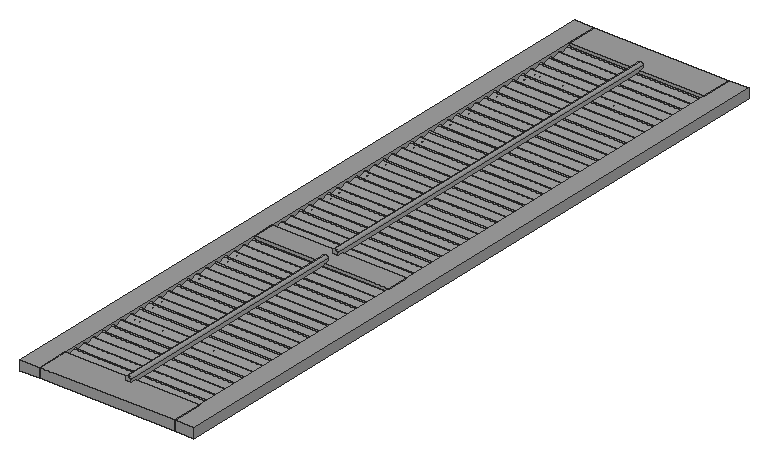
Revit family "E Class Louver 2 Panel", category Generic Models, Revit 2017
Family settings
  Can host rebar = No
  Round Connector Dimension = Use Diameter
  Part Type = Normal
  Work Plane-Based = Yes
  Always vertical = No
  Cut with Voids When Loaded = No
  Shared = No
  Room Calculation Point = No
Parameters
  URL = "www.newhorizonshutters.com"
  Type Comments = "**** All shutter dimensions and configuration to be approved by NHSI ****"
  Top Rail = 0' - 3 1/4"
  Tilt Rod 1 = yes
  Shutter Width = 1' - 6"
  Shutter Thickness = 0' - 1"
  Shutter Height = 6' - 0"
  Model = "Louver E Class"
  Mid Rail Height = 2' - 5"
  Mid Rail = 0' - 2 1/4"
  Manufacturer = "New Horizon Shutters"
  Louver Section 2 = Shutter Height - Mid Rail Height - Top Rail - (Mid Rail * 0.5) - 0' 1 15/32"  # 3' - 1 5/32"
  Louver Section 1 = Mid Rail Height - Bottom Rail - (Mid Rail * 0.5) - 0' 1 15/32"  # 1' - 11 5/32"
  Louver Length = Shutter Width - 0' 4"  # 1' - 2"
  Finish Color = Default
  Default Elevation = 4' - 0"
  Bottom Rail = 0' - 3 1/4"
Reference planes (in)
  plane 1 "Center (Front/Back)": y = 0
  plane 2: z = 0
  plane 3 "Center (Left/Right)": x = 0
  plane 4: x = 9
  plane 5: x = -9
  plane 6: y = 72
  plane 7: y = 68.75
  plane 8: y = 3.25
  plane 9: x = -7
  plane 10: z = 1
  plane 11: z = 0.5
  plane 12: x = 7
  plane 13: y = 3.9851
  plane 14: y = 69.25
  plane 15: y = 2.75
  plane 16: z = 0.82146
  plane 17: y = 29
  plane 18: y = 30.125
  plane 19: y = 27.875
  plane 20: y = 30.875
  plane 21: y = 29.625
  plane 22: y = 28.375
Forms (in)
  Extrusion 1, solid, material "Default" <- "Finish Color"
    sketch origin (0, 0, 0) x (1, 0, 0) y (0, 1, 0)
      loop
        line (-9, 72) -> (-9, 0) -> (-7, 0) -> (-7, 72) -> (-9, 72)
      loop
        line (7, 0) -> (9, 0) -> (9, 72) -> (7, 72) -> (7, 0)
    from 0 to 1
  Extrusion 2, solid, material "Default" <- "Finish Color"
    sketch origin (0, 0, 0) x (1, 0, 0) y (0, 1, 0)
      loop
        line (-7, 72) -> (-7, 68.75) -> (7, 68.75) -> (7, 72) -> (-7, 72)
    from 0 to 1
  Extrusion 3, solid, material "Default" <- "Finish Color"
    sketch origin (0, 0, 0) x (1, 0, 0) y (0, 1, 0)
      loop
        line (-7, 0) -> (7, 0) -> (7, 3.25) -> (-7, 3.25) -> (-7, 0)
    from 0 to 1
  Extrusion 4, solid, material "Default" <- "Finish Color"
    sketch origin (0, 0, 0) x (1, 0, 0) y (0, 1, 0)
      loop
        line (-7, 30.125) -> (-7, 27.875) -> (7, 27.875) -> (7, 30.125) -> (-7, 30.125)
    from 0 to 1
  Extrusion 5, solid, material "Default" <- "Finish Color", visible <- "Tilt Rod 1"
    sketch origin (-1.03002, 0, -0.58038) x (1, 0, 0) y (0, 0, 1)
      loop
        arc (1.27867, 1.78674) -> (1.20797, 1.95744) -> (1.03728, 2.02814) r 0.2414
        arc (1.03728, 2.02814) -> (0.85726, 1.96277) -> (0.78136, 1.78693) r 0.24164
        line (0.78136, 1.78693) -> (0.78136, 1.40183) -> (1.27867, 1.40183) -> (1.27867, 1.78674)
    from -28.375 to -2.75
  Extrusion 6, solid, material "Default" <- "Finish Color", visible <- "Tilt Rod 1"
    sketch origin (1.06986, 0, -0.51358) x (1, 0, 0) y (0, 0, 1)
      loop
        line (-1.31852, 1.71994) -> (-1.31852, 1.33503) -> (-0.8212, 1.33503) -> (-0.8212, 1.72013)
        arc (-0.8212, 1.72013) -> (-0.8971, 1.89597) -> (-1.07712, 1.96134) r 0.24164
        arc (-1.07712, 1.96134) -> (-1.24782, 1.89064) -> (-1.31852, 1.71994) r 0.2414
    from -69.25 to -29.625
Lines and regions (in)
  reference lines
    curve 1: line (0, 0, 1.44776) -> (0, 0, 0.82146)
Dimensions and locks (in)
  equal spacing: plane 5, plane 3 "Center (Left/Right)", plane 4
  "Shutter Width": plane 5 to plane 4
  "Shutter Height": plane 1 "Center (Front/Back)" to plane 6
  "Top Rail": plane 6 to plane 7
  "Bottom Rail": plane 1 "Center (Front/Back)" to plane 8
  locked: plane 5 to plane 9 at 2
  equal spacing: plane 10, plane 11, level
  "Shutter Thickness": plane 10 to level
  locked: plane 12 to plane 4 at 2
  locked: plane 13 to plane 8 at 0.7351
  locked: plane 8 to plane 15 at 0.5
  locked: plane 14 to plane 7 at 0.5
  equal spacing: plane 18, plane 17, plane 19
  "Mid Rail": plane 18 to plane 19
  "Mid Rail Height": plane 1 "Center (Front/Back)" to plane 17
  locked: plane 20 to plane 18 at 0.75
  locked: plane 22 to plane 19 at 0.5
  locked: plane 18 to plane 21 at 0.5
  aligned and locked: plane 2 to level
  aligned and locked: Extrusion 1 sketch curve to plane 6
  aligned and locked: plane 5 to Extrusion 1 sketch curve
  aligned and locked: Extrusion 1 sketch curve to plane 1 "Center (Front/Back)"
  aligned and locked: Extrusion 1 sketch curve to plane 9
  aligned and locked: plane 1 "Center (Front/Back)" to Extrusion 1 sketch curve
  aligned and locked: Extrusion 1 sketch curve to plane 12
  aligned and locked: plane 6 to Extrusion 1 sketch curve
  aligned and locked: plane 4 to Extrusion 1 sketch curve
  aligned and locked: Extrusion 1 to level
  aligned and locked: plane 10 to Extrusion 1
  aligned and locked: plane 11 to nested 1
  aligned and locked: nested 1 to plane 13
  aligned and locked: plane 3 "Center (Left/Right)" to nested 1
  aligned and locked: Extrusion 2 sketch curve to Extrusion 1
  aligned and locked: Extrusion 1 to Extrusion 2 sketch curve
  aligned and locked: plane 7 to Extrusion 2 sketch curve
  aligned and locked: Extrusion 2 sketch curve to plane 12
  aligned and locked: Extrusion 2 to level
  aligned and locked: plane 10 to Extrusion 2
  aligned and locked: Extrusion 1 to Extrusion 3 sketch curve
  aligned and locked: Extrusion 3 sketch curve to plane 9
  aligned and locked: plane 8 to Extrusion 3 sketch curve
  aligned and locked: plane 12 to Extrusion 3 sketch curve
  aligned and locked: plane 10 to Extrusion 3
  aligned and locked: Extrusion 3 to level
  aligned and locked: plane 11 to nested 2
  aligned and locked: nested 2 to plane 20
  aligned and locked: plane 3 "Center (Left/Right)" to nested 2
  aligned and locked: Extrusion 4 sketch curve to plane 18
  aligned and locked: plane 9 to Extrusion 4 sketch curve
  aligned and locked: plane 19 to Extrusion 4 sketch curve
  aligned and locked: Extrusion 4 sketch curve to plane 12
  aligned and locked: Extrusion 4 to level
  aligned and locked: plane 10 to Extrusion 4
  aligned and locked: plane 22 to Extrusion 5
  aligned and locked: Extrusion 6 to plane 21
  aligned and locked: plane 14 to Extrusion 6
Automatic sketch dimensions
  plane 3 "Center (Left/Right)" to curve 1 = 0' - 0"
  curve 1 to plane 10 = 0' - 0.17854"
  curve 1 to curve 1 = 0' - 0.62631"
  Extrusion 5 sketch curve to plane 3 "Center (Left/Right)" = 0' - 0.24866"
  Extrusion 5 sketch curve to plane 3 "Center (Left/Right)" = 0' - 0.00702"
  plane 3 "Center (Left/Right)" to Extrusion 5 sketch curve = 0' - 0.00726"
  plane 3 "Center (Left/Right)" to Extrusion 5 sketch curve = 0' - 0.24866"
  level to Extrusion 5 sketch curve = 0' - 0.82146"
  level to Extrusion 5 sketch curve = 0' - 1.20636"
  Extrusion 6 sketch curve to plane 3 "Center (Left/Right)" = 0' - 0.24866"
  Extrusion 6 sketch curve to plane 3 "Center (Left/Right)" = 0' - 0.00726"
  plane 3 "Center (Left/Right)" to Extrusion 6 sketch curve = 0' - 0.00702"
  plane 3 "Center (Left/Right)" to Extrusion 6 sketch curve = 0' - 0.24866"
  level to Extrusion 6 sketch curve = 0' - 0.82146"
  level to Extrusion 6 sketch curve = 0' - 1.20636"
Nested families (in)
  nested 1: "E Class Louver System 1" at (0, 3.9851, -0.24154), type "E Class Louver System 1"
    with Number Of Louvers 20, Louver Span 1' - 11 5/32"
  nested 2: "E Class Louver System 2" at (0, 30.875, -0.24154), type "E Class Louver System 2"
    with Number Of Louvers 32, Louver Span 3' - 1 5/32"
Definition of nested family "E Class Louver System 1"
  Parameters (values of type "E Class Louver System 1")
    Number Of Louvers = Louver Span / Louver Spacing  # 21
    Louver Span = 2' - 0 5/32"
    Louver Spacing = 0' - 1 41/256"
    Louver Length = 1' - 2"
    Finish Color = none
  Reference planes (in)
    plane 1 "Center (Front/Back)": y = 0
    plane 2: z = 0
    plane 3 "Center (Left/Right)": x = 0
    plane 4: x = 7
    plane 5: x = -7
    plane 6: y = 24.15625
    plane 7: z = 1.48307
    plane 8: z = 0.74154
  Dimensions and locks (in)
    equal spacing: plane 5, plane 3 "Center (Left/Right)", plane 4
    "Louver Length": plane 5 to plane 4
    "Louver Span": plane 1 "Center (Front/Back)" to plane 6
    equal spacing: plane 7, plane 8, level
    equal spacing: group 1, group 3, group 4, group 5, group 6, group 7, group 8, group 9, group 10, group 11, group 12, group 13, group 14, group 15, group 16, group 17, group 18, group 19, group 20, group 21, group 2  (x2)
    equal spacing: group 2, group 21, group 20, group 19, group 18, group 17, group 16, group 15, group 14, group 13, group 12, group 11, group 10, group 9, group 8, group 7, group 6, group 5, group 4, group 3, group 1
    aligned and locked: plane 2 to level
    aligned and locked: nested 1 to plane 3 "Center (Left/Right)"
    aligned and locked: plane 8 to nested 1
    aligned and locked: plane 6 to nested 1
    aligned and locked: nested 2 to plane 1 "Center (Front/Back)"
  Nested families (in)
    nested 1: "1.25 Louver" at (0, 24.15625, -0.09946) x (-1, 0, 0) z (0, 0, 1), type "1.25 Louver"
    nested 2: "1.25 Louver" at (0, 0, -0.09946) x (-1, 0, 0) z (0, 0, 1), type "1.25 Louver"
    nested 3: "1.25 Louver" at (0, 22.94844, -0.09946) x (-1, 0, 0) z (0, 0, 1), type "1.25 Louver"
    nested 4: "1.25 Louver" at (0, 21.74062, -0.09946) x (-1, 0, 0) z (0, 0, 1), type "1.25 Louver"
    nested 5: "1.25 Louver" at (0, 20.53281, -0.09946) x (-1, 0, 0) z (0, 0, 1), type "1.25 Louver"
    nested 6: "1.25 Louver" at (0, 19.325, -0.09946) x (-1, 0, 0) z (0, 0, 1), type "1.25 Louver"
    nested 7: "1.25 Louver" at (0, 18.11719, -0.09946) x (-1, 0, 0) z (0, 0, 1), type "1.25 Louver"
    nested 8: "1.25 Louver" at (0, 16.90937, -0.09946) x (-1, 0, 0) z (0, 0, 1), type "1.25 Louver"
    nested 9: "1.25 Louver" at (0, 15.70156, -0.09946) x (-1, 0, 0) z (0, 0, 1), type "1.25 Louver"
    nested 10: "1.25 Louver" at (0, 14.49375, -0.09946) x (-1, 0, 0) z (0, 0, 1), type "1.25 Louver"
    nested 11: "1.25 Louver" at (0, 13.28594, -0.09946) x (-1, 0, 0) z (0, 0, 1), type "1.25 Louver"
    nested 12: "1.25 Louver" at (0, 12.07812, -0.09946) x (-1, 0, 0) z (0, 0, 1), type "1.25 Louver"
    nested 13: "1.25 Louver" at (0, 10.87031, -0.09946) x (-1, 0, 0) z (0, 0, 1), type "1.25 Louver"
    nested 14: "1.25 Louver" at (0, 9.6625, -0.09946) x (-1, 0, 0) z (0, 0, 1), type "1.25 Louver"
    nested 15: "1.25 Louver" at (0, 8.45469, -0.09946) x (-1, 0, 0) z (0, 0, 1), type "1.25 Louver"
    nested 16: "1.25 Louver" at (0, 7.24687, -0.09946) x (-1, 0, 0) z (0, 0, 1), type "1.25 Louver"
    nested 17: "1.25 Louver" at (0, 6.03906, -0.09946) x (-1, 0, 0) z (0, 0, 1), type "1.25 Louver"
    nested 18: "1.25 Louver" at (0, 4.83125, -0.09946) x (-1, 0, 0) z (0, 0, 1), type "1.25 Louver"
    nested 19: "1.25 Louver" at (0, 3.62344, -0.09946) x (-1, 0, 0) z (0, 0, 1), type "1.25 Louver"
    nested 20: "1.25 Louver" at (0, 2.41562, -0.09946) x (-1, 0, 0) z (0, 0, 1), type "1.25 Louver"
    nested 21: "1.25 Louver" at (0, 1.20781, -0.09946) x (-1, 0, 0) z (0, 0, 1), type "1.25 Louver"
  Definition of nested family "1.25 Louver"
    Parameters (values of type "1.25 Louver")
      Louver Length = 1' - 2"
      Finish Color = none
    Reference planes (in)
      plane 1 "Center (Front/Back)": y = 0
      plane 2: z = 0
      plane 3 "Center (Left/Right)": x = 0
      plane 4: x = 7
      plane 5: x = -7
      plane 6: z = 1.68199
      plane 7: z = 0.841
    Forms (in)
      Extrusion 1, solid, material <- "Finish Color"
        sketch origin (0, 1.29392, 2.07286) x (0, -1, 0) y (0, 0, -1)
          loop
            arc (1.69437, 0.91983) -> (1.89464, 1.01322) -> (1.80125, 1.21349) r 0.15625
            line (1.80125, 1.21349) -> (0.89346, 1.5439)
            arc (0.89346, 1.5439) -> (0.69319, 1.45051) -> (0.78658, 1.25024) r 0.15625
            line (0.78658, 1.25024) -> (1.69437, 0.91983)
        from -7 to 7
    Dimensions and locks (in)
      equal spacing: plane 5, plane 3 "Center (Left/Right)", plane 4
      "Louver Length": plane 5 to plane 4
      equal spacing: plane 6, plane 7, level
      aligned and locked: plane 2 to level
      aligned and locked: Extrusion 1 to plane 5
      aligned and locked: plane 4 to Extrusion 1
    Automatic sketch dimensions
      Extrusion 1 sketch curve to plane 7 = 0' - 0.01838"
      Extrusion 1 sketch curve to plane 1 "Center (Front/Back)" = 0' - 0.50734"
      Extrusion 1 sketch curve to Extrusion 1 sketch curve = 0' - 0.05344"  (x4)
      Extrusion 1 sketch curve to plane 7 = 0' - 0.31203"
      plane 1 "Center (Front/Back)" to Extrusion 1 sketch curve = 0' - 0.40046"
      plane 7 to Extrusion 1 sketch curve = 0' - 0.01838"
      Extrusion 1 sketch curve to Extrusion 1 sketch curve = 0' - 0.14683"
Definition of nested family "E Class Louver System 2"
  Parameters (values of type "E Class Louver System 2")
    Number Of Louvers = Louver Span / Louver Spacing  # 31
    Louver Span = 3' - 0 5/32"
    Louver Spacing = 0' - 1 41/256"
    Louver Length = 1' - 2"
    Finish Color = none
  Reference planes (in)
    plane 1 "Center (Front/Back)": y = 0
    plane 2: z = 0
    plane 3 "Center (Left/Right)": x = 0
    plane 4: x = 7
    plane 5: x = -7
    plane 6: y = 36.15625
    plane 7: z = 1.48307
    plane 8: z = 0.74154
  Dimensions and locks (in)
    equal spacing: plane 5, plane 3 "Center (Left/Right)", plane 4
    "Louver Length": plane 5 to plane 4
    "Louver Span": plane 1 "Center (Front/Back)" to plane 6
    equal spacing: plane 7, plane 8, level
    equal spacing: group 1, group 3, group 4, group 5, group 6, group 7, group 8, group 9, group 10, group 11, group 12, group 13, group 14, group 15, group 16, group 17, group 18, group 19, group 20, group 21, group 22, group 23, group 24, group 25, group 26, group 27, group 28, group 29, group 30, group 31, group 2  (x2)
    equal spacing: group 2, group 31, group 30, group 29, group 28, group 27, group 26, group 25, group 24, group 23, group 22, group 21, group 20, group 19, group 18, group 17, group 16, group 15, group 14, group 13, group 12, group 11, group 10, group 9, group 8, group 7, group 6, group 5, group 4, group 3, group 1
    aligned and locked: plane 2 to level
    aligned and locked: nested 1 to plane 3 "Center (Left/Right)"
    aligned and locked: plane 8 to nested 1
    aligned and locked: plane 6 to nested 1
    aligned and locked: nested 2 to plane 1 "Center (Front/Back)"
  Nested families (in)
    nested 1: "1.25 Louver" at (0, 36.15625, -0.09946) x (-1, 0, 0) z (0, 0, 1), type "1.25 Louver"
    nested 2: "1.25 Louver" at (0, 0, -0.09946) x (-1, 0, 0) z (0, 0, 1), type "1.25 Louver"
    nested 3: "1.25 Louver" at (0, 34.95104, -0.09946) x (-1, 0, 0) z (0, 0, 1), type "1.25 Louver"
    nested 4: "1.25 Louver" at (0, 33.74583, -0.09946) x (-1, 0, 0) z (0, 0, 1), type "1.25 Louver"
    nested 5: "1.25 Louver" at (0, 32.54062, -0.09946) x (-1, 0, 0) z (0, 0, 1), type "1.25 Louver"
    nested 6: "1.25 Louver" at (0, 31.33542, -0.09946) x (-1, 0, 0) z (0, 0, 1), type "1.25 Louver"
    nested 7: "1.25 Louver" at (0, 30.13021, -0.09946) x (-1, 0, 0) z (0, 0, 1), type "1.25 Louver"
    nested 8: "1.25 Louver" at (0, 28.925, -0.09946) x (-1, 0, 0) z (0, 0, 1), type "1.25 Louver"
    nested 9: "1.25 Louver" at (0, 27.71979, -0.09946) x (-1, 0, 0) z (0, 0, 1), type "1.25 Louver"
    nested 10: "1.25 Louver" at (0, 26.51458, -0.09946) x (-1, 0, 0) z (0, 0, 1), type "1.25 Louver"
    nested 11: "1.25 Louver" at (0, 25.30937, -0.09946) x (-1, 0, 0) z (0, 0, 1), type "1.25 Louver"
    nested 12: "1.25 Louver" at (0, 24.10417, -0.09946) x (-1, 0, 0) z (0, 0, 1), type "1.25 Louver"
    nested 13: "1.25 Louver" at (0, 22.89896, -0.09946) x (-1, 0, 0) z (0, 0, 1), type "1.25 Louver"
    nested 14: "1.25 Louver" at (0, 21.69375, -0.09946) x (-1, 0, 0) z (0, 0, 1), type "1.25 Louver"
    nested 15: "1.25 Louver" at (0, 20.48854, -0.09946) x (-1, 0, 0) z (0, 0, 1), type "1.25 Louver"
    nested 16: "1.25 Louver" at (0, 19.28333, -0.09946) x (-1, 0, 0) z (0, 0, 1), type "1.25 Louver"
    nested 17: "1.25 Louver" at (0, 18.07812, -0.09946) x (-1, 0, 0) z (0, 0, 1), type "1.25 Louver"
    nested 18: "1.25 Louver" at (0, 16.87292, -0.09946) x (-1, 0, 0) z (0, 0, 1), type "1.25 Louver"
    nested 19: "1.25 Louver" at (0, 15.66771, -0.09946) x (-1, 0, 0) z (0, 0, 1), type "1.25 Louver"
    nested 20: "1.25 Louver" at (0, 14.4625, -0.09946) x (-1, 0, 0) z (0, 0, 1), type "1.25 Louver"
    nested 21: "1.25 Louver" at (0, 13.25729, -0.09946) x (-1, 0, 0) z (0, 0, 1), type "1.25 Louver"
    nested 22: "1.25 Louver" at (0, 12.05208, -0.09946) x (-1, 0, 0) z (0, 0, 1), type "1.25 Louver"
    nested 23: "1.25 Louver" at (0, 10.84687, -0.09946) x (-1, 0, 0) z (0, 0, 1), type "1.25 Louver"
    nested 24: "1.25 Louver" at (0, 9.64167, -0.09946) x (-1, 0, 0) z (0, 0, 1), type "1.25 Louver"
    nested 25: "1.25 Louver" at (0, 8.43646, -0.09946) x (-1, 0, 0) z (0, 0, 1), type "1.25 Louver"
    nested 26: "1.25 Louver" at (0, 7.23125, -0.09946) x (-1, 0, 0) z (0, 0, 1), type "1.25 Louver"
    nested 27: "1.25 Louver" at (0, 6.02604, -0.09946) x (-1, 0, 0) z (0, 0, 1), type "1.25 Louver"
    nested 28: "1.25 Louver" at (0, 4.82083, -0.09946) x (-1, 0, 0) z (0, 0, 1), type "1.25 Louver"
    nested 29: "1.25 Louver" at (0, 3.61562, -0.09946) x (-1, 0, 0) z (0, 0, 1), type "1.25 Louver"
    nested 30: "1.25 Louver" at (0, 2.41042, -0.09946) x (-1, 0, 0) z (0, 0, 1), type "1.25 Louver"
    nested 31: "1.25 Louver" at (0, 1.20521, -0.09946) x (-1, 0, 0) z (0, 0, 1), type "1.25 Louver"
  Definition of nested family "1.25 Louver"
    Parameters (values of type "1.25 Louver")
      Louver Length = 1' - 2"
      Finish Color = none
    Reference planes (in)
      plane 1 "Center (Front/Back)": y = 0
      plane 2: z = 0
      plane 3 "Center (Left/Right)": x = 0
      plane 4: x = 7
      plane 5: x = -7
      plane 6: z = 1.68199
      plane 7: z = 0.841
    Forms (in)
      Extrusion 1, solid, material <- "Finish Color"
        sketch origin (0, 1.29392, 2.07286) x (0, -1, 0) y (0, 0, -1)
          loop
            arc (1.69437, 0.91983) -> (1.89464, 1.01322) -> (1.80125, 1.21349) r 0.15625
            line (1.80125, 1.21349) -> (0.89346, 1.5439)
            arc (0.89346, 1.5439) -> (0.69319, 1.45051) -> (0.78658, 1.25024) r 0.15625
            line (0.78658, 1.25024) -> (1.69437, 0.91983)
        from -7 to 7
    Dimensions and locks (in)
      equal spacing: plane 5, plane 3 "Center (Left/Right)", plane 4
      "Louver Length": plane 5 to plane 4
      equal spacing: plane 6, plane 7, level
      aligned and locked: plane 2 to level
      aligned and locked: Extrusion 1 to plane 5
      aligned and locked: plane 4 to Extrusion 1
    Automatic sketch dimensions
      Extrusion 1 sketch curve to plane 7 = 0' - 0.01838"
      Extrusion 1 sketch curve to plane 1 "Center (Front/Back)" = 0' - 0.50734"
      Extrusion 1 sketch curve to Extrusion 1 sketch curve = 0' - 0.05344"  (x4)
      Extrusion 1 sketch curve to plane 7 = 0' - 0.31203"
      plane 1 "Center (Front/Back)" to Extrusion 1 sketch curve = 0' - 0.40046"
      plane 7 to Extrusion 1 sketch curve = 0' - 0.01838"
      Extrusion 1 sketch curve to Extrusion 1 sketch curve = 0' - 0.14683"
